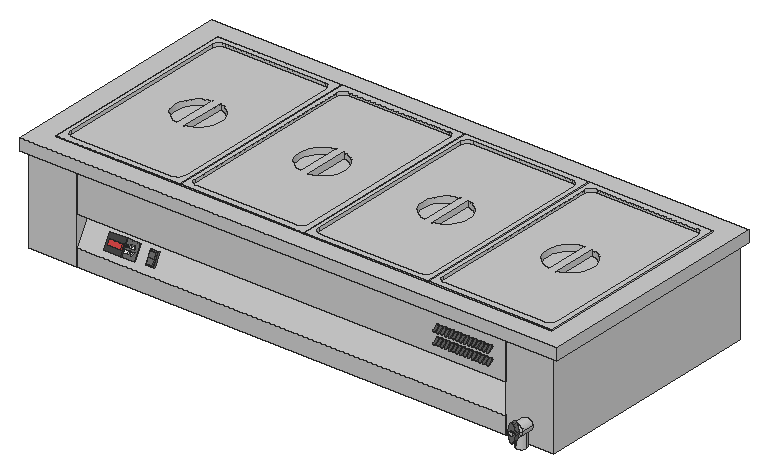
Revit family "QF_INOMAK_MAV614_250604102725", category Specialty Equipment, Revit 2021
Family settings
  Round Connector Dimension = Use Diameter
  Part Type = Normal
  OmniClass Number = 23.40.40.14
  OmniClass Title = Food Service Equipment
  Work Plane-Based = No
  Always vertical = Yes
  Cut with Voids When Loaded = No
  Shared = No
  Room Calculation Point = No
Parameters (values of type "MAV614")
  Weight [instance] = 27.00 kg
  Waste Water Discharge Temperature [instance] = 0 °C
  Waste Remarks [instance] = ""
  Warranty Start Date [instance] = ""
  Warranty Duration [instance] = ""
  Volts [instance] = 230 V
  Volt Free Conn [instance] = no
  URL Recommended Spares List [instance] = ""
  URL Manufacturer [instance] = ""
  URL Cutsheet [instance] = ""
  URL Critical Spares List [instance] = ""
  URL = "www.inomak.com"
  Technical Documentation [instance] = ""
  Tag Number [instance] = ""
  Status [instance] = ""
  Start Up Current [instance] = 0 A
  Specification by User [instance] = ""
  Specification by Manufacturer [instance] = ""
  Sound Level [instance] = ""
  Show Logo [instance] = yes
  Show Clearances [instance] = yes
  Service Life Duration [instance] = ""
  Serial Number [instance] = ""
  Seismic Rating [instance] = ""
  SMACNA No [instance] = ""
  Revision Code [instance] = ""
  Revision [instance] = ""
  Production Year [instance] = ""
  Potential Equalisation [instance] = no
  Point Load [instance] = 0
  Plumbing Connection Type [instance] = ""
  Phase [instance] = 1
  Other Equipment Approvals [instance] = ""
  Operational Current [instance] = 0 A
  Number of Poles [instance] = 2
  No Load Power Draw [instance] = no
  NAFEM Spec ID Number [instance] = ""
  Model Warning [instance] = ""
  Model = "MAV614"
  Min Ckt Ampacity [instance] = 0 A
  Max Overcurrent Protection [instance] = 10 A
  Masterspec [instance] = ""
  Manufacturer = "INOMAK"
  Main switch integrated [instance] = no
  Length Actual [instance] = 1406 mm
  Item Number [instance] = ""
  Installed By [instance] = ""
  Installation Date [instance] = ""
  Indirect Waste Size [instance] = 25.4 mm
  Indirect Waste Remarks [instance] = ""
  Indirect Waste Flow [instance] = 0.0 L/s
  Indirect Waste Connection Type [instance] = ""
  Indirect Waste Connection Height [instance] = 0 mm
  Identify Quantity as Lot [instance] = no
  ID [instance] = ""
  Hygiene Approval [instance] = ""
  Height Actual [instance] = 268 mm
  HP power [instance] = ""
  Furnished By [instance] = ""
  Foodservice Equipment Identifier [instance] = no
  FL Amps [instance] = 8.7 A
  Electrical Remarks [instance] = ""
  Electric power [instance] = 2000 W
  Electric Connection Type [instance] = ""
  Elec Conn RI Height [instance] = 0 mm
  Elec Conn Connection Height [instance] = 0 mm
  ETL Approved [instance] = no
  Direct Waste Water Discharge Temperature [instance] = -273.15 °C
  Direct Waste Size [instance] = 25.4 mm
  Direct Waste RI Height [instance] = 0 mm
  Direct Waste Flow [instance] = 0.0 L/s
  Direct Waste Connection Height [instance] = 0 mm
  Description = "PORTABLE BAIN MARIE WITH 4 GN PANS CAPACITY"
  Depth Actual [instance] = 629 mm
  Default Elevation = 0 mm
  Cycle [instance] = 50 Hz
  Cost = 0
  Connection to energy optimisation system [instance] = yes
  Conn Plug [instance] = ""
  Conn Conduit [instance] = no
  Centralized building control system with digital interface [instance] = ""
  CSI MasterFormat [instance] = ""
  CE Approved [instance] = no
  Barcode [instance] = 0
  Author [instance] = ""
  Asset Identifier [instance] = ""
  Apparent Power [instance] = 2000 VA
  Accessory [instance] = no
Reference planes
  plane 1 "Center (Front/Back)": y = 0
  plane 2: z = 0
  plane 3 "Center (Left/Right)": x = 0
Forms (mm)
  Extrusion 1, solid, not visible
    sketch origin (1320.064, -600.029, 12.001) x (1, 0, 0) y (0, 1, 0)
      loop
        line (-2, 2) -> (-2, -2) -> (2, -2) -> (2, 2) -> (-2, 2)
    from -2 to 2
  Extrusion 2, solid, not visible
    sketch origin (80.004, -600.029, 12.001) x (1, 0, 0) y (0, 1, 0)
      loop
        line (-2, 2) -> (-2, -2) -> (2, -2) -> (2, 2) -> (-2, 2)
    from -2 to 2
Dimensions and locks
  locked: nested 2 to Extrusion 1 at 2  (x2)
  locked: nested 3 to Extrusion 2 at 2  (x2)
  aligned and locked: level to plane 2
Nested families
  nested 1: "QF_INOMAK_PORTABLE_BAIN_MARIES_1410_2920" at (0, 0, 0), type "MAV614"
    with Weight 27.00 kg, Warranty Start Date "", Warranty Duration "", URL Cutsheet "", Technical Documentation "", Tag Number "", Status "", Specification by User "", Specification by Manufacturer "", Sound Level "", Solid Fuel Type "", Show Logo yes, Show Clearances yes, Service Life Duration "", Serial Number "", Seismic Rating "", SMACNA No "", Revision Code "", Revision "", Production Year "", Point Load 0, Other Equipment Approvals "", NAFEM Spec ID Number "", Model Warning "", Masterspec "", Length Actual 1406 mm, Item Number "", Installed By "", Installation Date "", Identify Quantity as Lot yes, ID "", Hygiene Approval "", Height Actual 268 mm, Furnished By "", Foodservice Equipment Identifier yes, ETL Approved yes, Depth Actual 629 mm, CSI MasterFormat "", CE Approved yes, Barcode "", Author "", Asset Identifier "", Accessory no
  nested 2: "CONN_POINT_DRAIN_2D___Generic_Annotation" at (1320.064, -600.029, 10), type "CONN_POINT_DRAIN_2D___Generic_Annotation"
    with Onboard connection annotation symbol visibility yes
  nested 3: "CONN_POINT_ELE_2D___Generic_Annotation" at (80.004, -600.029, 10), type "CONN_POINT_ELE_2D___Generic_Annotation"
    with Onboard connection annotation symbol visibility yes
Connectors
  piping at (1320.064, -600.029, 10), diameter 25.4, driven by "Indirect Waste Size", driven by "Direct Waste Flow"
    settings: on Extrusion 1, index 1, connector inside diameter 609.6 mm, connector length 0 mm, flow factor 0, pipe flow 0.0 L/s, pressure drop 0.0 Pa, fitting loss kfactor 0, connector angle 0.00°, fixture units 0, engagement length 0 mm, angle of deflection 0.00°, flow configuration 1, flow direction 2, fitting loss method 0, system type 16, joint type 0, gender type 0, connector reference index -1, connector utility 0, adjustable connector no, is connector primary yes, connector description "Waste connection for MAV614"
  electrical at (80.004, -600.029, 10), driven by "Apparent Power", driven by "Number of Poles", driven by "Volts"
    settings: on Extrusion 2, index 2, voltage 230 V, apparent load 0 VA, apparent load phase1 2000 VA, apparent load phase2 0 VA, apparent load phase3 0 VA, power factor 1, load classification "Other", number of poles 2, system type 31, power factor state 1, is connector primary yes, connector utility no, sub classification motor no, connector description "Electrical connection for MAV614"
Definition of nested family "QF_INOMAK_PORTABLE_BAIN_MARIES_1410_2920"
  Parameters (values of type "MSV614")
    Weight [instance] = 0.00 kg
    Warranty Start Date [instance] = ""
    Warranty Duration [instance] = ""
    URL Cutsheet [instance] = ""
    URL = "www.inomak.com"
    Technical Documentation [instance] = ""
    Tag Number [instance] = ""
    Status [instance] = ""
    Specification by User [instance] = ""
    Specification by Manufacturer [instance] = ""
    Sound Level [instance] = ""
    Solid Fuel Type [instance] = ""
    Show Logo [instance] = yes
    Show Clearances [instance] = yes
    Service Life Duration [instance] = ""
    Serial Number [instance] = ""
    Seismic Rating [instance] = ""
    SMACNA No [instance] = ""
    Revision Code [instance] = ""
    Revision [instance] = ""
    Production Year [instance] = ""
    Point Load [instance] = 0
    Other Equipment Approvals [instance] = ""
    NAFEM Spec ID Number [instance] = ""
    Model Warning [instance] = ""
    Model = "MSV614"
    Masterspec [instance] = ""
    Manufacturer = "INOMAK"
    Length Actual [instance] = 0 mm
    Item Number [instance] = ""
    Installed By [instance] = ""
    Installation Date [instance] = ""
    Identify Quantity as Lot [instance] = yes
    ID [instance] = ""
    Hygiene Approval [instance] = ""
    Height Actual [instance] = 0 mm
    Furnished By [instance] = ""
    Foodservice Equipment Identifier [instance] = yes
    ETL Approved [instance] = yes
    Description = "PORTABLE BAIN MARIE WITH 4 GN PANS CAPACITY AND DOUBLE SNEEZE GUARD"
    Depth Actual [instance] = 0 mm
    Default Elevation = 0 mm
    CSI MasterFormat [instance] = ""
    CE Approved [instance] = yes
    Barcode [instance] = ""
    Author [instance] = ""
    Asset Identifier [instance] = ""
    Assembly Code = "E1090320"
    Accessory [instance] = yes
  Types (5, lengths in mm): name | Model | Description
    MBV614 | "MBV614" | "PORTABLE BAIN MARIE WITH 4 GN PANS CAPACITY AND SHOWCASE"
    MEV614 | "MEV614" | "PORTABLE BAIN MARIE WITH 4 GN PANS CAPACITY AND SINGLE SNEEZE GUARD"
    MSV614 | "MSV614" | "PORTABLE BAIN MARIE WITH 4 GN PANS CAPACITY AND DOUBLE SNEEZE GUARD"
    MBSQ614 | "MBSQ614" | "PORTABLE BAIN MARIE WITH 4 GN PANS CAPACITY AND SQUARE SHOWCASE"
    MAV614 | "MAV614" | "PORTABLE BAIN MARIE WITH 4 GN PANS CAPACITY"
  Reference planes
    plane 1 "Back": y = 0
    plane 2: z = 0
    plane 3 "Left": x = 0
    plane 4 "Right": x = 1406
    plane 5 "Front": y = -629
    plane 6 "Top": z = 268
  Forms (mm)
    Extrusion 1, solid
      sketch origin (562.428, -636, -16.393) x (-1, 0, 0) y (0, 0, 1)
        loop
          arc (-522.253, 222.665) -> (-526.351, 223.763) -> (-527.449, 219.665) r 3
          line (-527.449, 219.665) -> (-518.449, 204.077)
          arc (-518.449, 204.077) -> (-514.351, 202.979) -> (-513.253, 207.077) r 3
          line (-513.253, 207.077) -> (-522.253, 222.665)
        loop
          arc (-532.253, 222.665) -> (-536.351, 223.763) -> (-537.449, 219.665) r 3
          line (-537.449, 219.665) -> (-528.449, 204.077)
          arc (-528.449, 204.077) -> (-524.351, 202.979) -> (-523.253, 207.077) r 3
          line (-523.253, 207.077) -> (-532.253, 222.665)
        loop
          arc (-542.253, 222.665) -> (-546.351, 223.763) -> (-547.449, 219.665) r 3
          line (-547.449, 219.665) -> (-538.449, 204.077)
          arc (-538.449, 204.077) -> (-534.351, 202.979) -> (-533.253, 207.077) r 3
          line (-533.253, 207.077) -> (-542.253, 222.665)
        loop
          arc (-552.253, 222.665) -> (-556.351, 223.763) -> (-557.449, 219.665) r 3
          line (-557.449, 219.665) -> (-548.449, 204.077)
          arc (-548.449, 204.077) -> (-544.351, 202.979) -> (-543.253, 207.077) r 3
          line (-543.253, 207.077) -> (-552.253, 222.665)
        loop
          arc (-562.253, 222.665) -> (-566.351, 223.763) -> (-567.449, 219.665) r 3
          line (-567.449, 219.665) -> (-558.449, 204.077)
          arc (-558.449, 204.077) -> (-554.351, 202.979) -> (-553.253, 207.077) r 3
          line (-553.253, 207.077) -> (-562.253, 222.665)
        loop
          arc (-572.253, 222.665) -> (-576.351, 223.763) -> (-577.449, 219.665) r 3
          line (-577.449, 219.665) -> (-568.449, 204.077)
          arc (-568.449, 204.077) -> (-564.351, 202.979) -> (-563.253, 207.077) r 3
          line (-563.253, 207.077) -> (-572.253, 222.665)
        loop
          arc (-582.253, 222.665) -> (-586.351, 223.763) -> (-587.449, 219.665) r 3
          line (-587.449, 219.665) -> (-578.449, 204.077)
          arc (-578.449, 204.077) -> (-574.351, 202.979) -> (-573.253, 207.077) r 3
          line (-573.253, 207.077) -> (-582.253, 222.665)
        loop
          arc (-592.253, 222.665) -> (-596.351, 223.763) -> (-597.449, 219.665) r 3
          line (-597.449, 219.665) -> (-588.449, 204.077)
          arc (-588.449, 204.077) -> (-584.351, 202.979) -> (-583.253, 207.077) r 3
          line (-583.253, 207.077) -> (-592.253, 222.665)
        loop
          arc (-602.253, 222.665) -> (-606.351, 223.763) -> (-607.449, 219.665) r 3
          line (-607.449, 219.665) -> (-598.449, 204.077)
          arc (-598.449, 204.077) -> (-594.351, 202.979) -> (-593.253, 207.077) r 3
          line (-593.253, 207.077) -> (-602.253, 222.665)
        loop
          arc (-612.253, 222.665) -> (-616.351, 223.763) -> (-617.449, 219.665) r 3
          line (-617.449, 219.665) -> (-608.449, 204.077)
          arc (-608.449, 204.077) -> (-604.351, 202.979) -> (-603.253, 207.077) r 3
          line (-603.253, 207.077) -> (-612.253, 222.665)
        loop
          arc (-622.253, 222.665) -> (-626.351, 223.763) -> (-627.449, 219.665) r 3
          line (-627.449, 219.665) -> (-618.449, 204.077)
          arc (-618.449, 204.077) -> (-614.351, 202.979) -> (-613.253, 207.077) r 3
          line (-613.253, 207.077) -> (-622.253, 222.665)
        loop
          arc (-632.253, 222.665) -> (-636.351, 223.763) -> (-637.449, 219.665) r 3
          line (-637.449, 219.665) -> (-628.449, 204.077)
          arc (-628.449, 204.077) -> (-624.351, 202.979) -> (-623.253, 207.077) r 3
          line (-623.253, 207.077) -> (-632.253, 222.665)
        loop
          arc (-642.253, 222.665) -> (-646.351, 223.763) -> (-647.449, 219.665) r 3
          line (-647.449, 219.665) -> (-638.449, 204.077)
          arc (-638.449, 204.077) -> (-634.351, 202.979) -> (-633.253, 207.077) r 3
          line (-633.253, 207.077) -> (-642.253, 222.665)
        loop
          arc (-652.253, 222.665) -> (-656.351, 223.763) -> (-657.449, 219.665) r 3
          line (-657.449, 219.665) -> (-648.449, 204.077)
          arc (-648.449, 204.077) -> (-644.351, 202.979) -> (-643.253, 207.077) r 3
          line (-643.253, 207.077) -> (-652.253, 222.665)
        loop
          arc (-662.253, 222.665) -> (-666.351, 223.763) -> (-667.449, 219.665) r 3
          line (-667.449, 219.665) -> (-658.449, 204.077)
          arc (-658.449, 204.077) -> (-654.351, 202.979) -> (-653.253, 207.077) r 3
          line (-653.253, 207.077) -> (-662.253, 222.665)
        loop
          arc (-522.253, 192.665) -> (-526.351, 193.763) -> (-527.449, 189.665) r 3
          line (-527.449, 189.665) -> (-518.449, 174.077)
          arc (-518.449, 174.077) -> (-514.351, 172.979) -> (-513.253, 177.077) r 3
          line (-513.253, 177.077) -> (-522.253, 192.665)
        loop
          arc (-532.253, 192.665) -> (-536.351, 193.763) -> (-537.449, 189.665) r 3
          line (-537.449, 189.665) -> (-528.449, 174.077)
          arc (-528.449, 174.077) -> (-524.351, 172.979) -> (-523.253, 177.077) r 3
          line (-523.253, 177.077) -> (-532.253, 192.665)
        loop
          arc (-542.253, 192.665) -> (-546.351, 193.763) -> (-547.449, 189.665) r 3
          line (-547.449, 189.665) -> (-538.449, 174.077)
          arc (-538.449, 174.077) -> (-534.351, 172.979) -> (-533.253, 177.077) r 3
          line (-533.253, 177.077) -> (-542.253, 192.665)
        loop
          arc (-552.253, 192.665) -> (-556.351, 193.763) -> (-557.449, 189.665) r 3
          line (-557.449, 189.665) -> (-548.449, 174.077)
          arc (-548.449, 174.077) -> (-544.351, 172.979) -> (-543.253, 177.077) r 3
          line (-543.253, 177.077) -> (-552.253, 192.665)
        loop
          arc (-562.253, 192.665) -> (-566.351, 193.763) -> (-567.449, 189.665) r 3
          line (-567.449, 189.665) -> (-558.449, 174.077)
          arc (-558.449, 174.077) -> (-554.351, 172.979) -> (-553.253, 177.077) r 3
          line (-553.253, 177.077) -> (-562.253, 192.665)
        loop
          arc (-572.253, 192.665) -> (-576.351, 193.763) -> (-577.449, 189.665) r 3
          line (-577.449, 189.665) -> (-568.449, 174.077)
          arc (-568.449, 174.077) -> (-564.351, 172.979) -> (-563.253, 177.077) r 3
          line (-563.253, 177.077) -> (-572.253, 192.665)
        loop
          arc (-582.253, 192.665) -> (-586.351, 193.763) -> (-587.449, 189.665) r 3
          line (-587.449, 189.665) -> (-578.449, 174.077)
          arc (-578.449, 174.077) -> (-574.351, 172.979) -> (-573.253, 177.077) r 3
          line (-573.253, 177.077) -> (-582.253, 192.665)
        loop
          arc (-592.253, 192.665) -> (-596.351, 193.763) -> (-597.449, 189.665) r 3
          line (-597.449, 189.665) -> (-588.449, 174.077)
          arc (-588.449, 174.077) -> (-584.351, 172.979) -> (-583.253, 177.077) r 3
          line (-583.253, 177.077) -> (-592.253, 192.665)
        loop
          arc (-602.253, 192.665) -> (-606.351, 193.763) -> (-607.449, 189.665) r 3
          line (-607.449, 189.665) -> (-598.449, 174.077)
          arc (-598.449, 174.077) -> (-594.351, 172.979) -> (-593.253, 177.077) r 3
          line (-593.253, 177.077) -> (-602.253, 192.665)
        loop
          arc (-612.253, 192.665) -> (-616.351, 193.763) -> (-617.449, 189.665) r 3
          line (-617.449, 189.665) -> (-608.449, 174.077)
          arc (-608.449, 174.077) -> (-604.351, 172.979) -> (-603.253, 177.077) r 3
          line (-603.253, 177.077) -> (-612.253, 192.665)
        loop
          arc (-622.253, 192.665) -> (-626.351, 193.763) -> (-627.449, 189.665) r 3
          line (-627.449, 189.665) -> (-618.449, 174.077)
          arc (-618.449, 174.077) -> (-614.351, 172.979) -> (-613.253, 177.077) r 3
          line (-613.253, 177.077) -> (-622.253, 192.665)
        loop
          arc (-632.253, 192.665) -> (-636.351, 193.763) -> (-637.449, 189.665) r 3
          line (-637.449, 189.665) -> (-628.449, 174.077)
          arc (-628.449, 174.077) -> (-624.351, 172.979) -> (-623.253, 177.077) r 3
          line (-623.253, 177.077) -> (-632.253, 192.665)
        loop
          arc (-642.253, 192.665) -> (-646.351, 193.763) -> (-647.449, 189.665) r 3
          line (-647.449, 189.665) -> (-638.449, 174.077)
          arc (-638.449, 174.077) -> (-634.351, 172.979) -> (-633.253, 177.077) r 3
          line (-633.253, 177.077) -> (-642.253, 192.665)
        loop
          arc (-652.253, 192.665) -> (-656.351, 193.763) -> (-657.449, 189.665) r 3
          line (-657.449, 189.665) -> (-648.449, 174.077)
          arc (-648.449, 174.077) -> (-644.351, 172.979) -> (-643.253, 177.077) r 3
          line (-643.253, 177.077) -> (-652.253, 192.665)
        loop
          arc (-662.253, 192.665) -> (-666.351, 193.763) -> (-667.449, 189.665) r 3
          line (-667.449, 189.665) -> (-658.449, 174.077)
          arc (-658.449, 174.077) -> (-654.351, 172.979) -> (-653.253, 177.077) r 3
          line (-653.253, 177.077) -> (-662.253, 192.665)
      from 16.5 to 18.5
    Extrusion 2, solid
      sketch origin (0, -641.208, 0) x (-1, 0, 0) y (0, 0, 1)
        loop
          line (-15, 10) -> (-15, 238) -> (-140, 238) -> (-140, 10) -> (-15, 10)
      from 22.208 to 631.208
    Extrusion 3, solid
      sketch origin (0, 0, 238) x (1, 0, 0) y (0, 1, 0)
        loop
          line (0, 0) -> (0, -629) -> (1406, -629) -> (1406, 0) -> (0, 0)
        loop
          line (53, -579) -> (1353, -579) -> (1353, -49) -> (53, -49) -> (53, -579)
      from 0 to 30
    Extrusion 4, solid
      sketch origin (1406, -641.208, 0) x (1, 0, 0) y (0, 0, -1)
        loop
          line (-15, -10) -> (-140, -10) -> (-140, -238) -> (-15, -238) -> (-15, -10)
      from 22.208 to 631.208
    Extrusion 5, solid
      sketch origin (-2, 0, 0) x (0, 1, 0) y (0, 0, 1)
        loop
          line (-619, 238) -> (-619, 133.92) -> (-579, 124.282) -> (-619, 55) -> (-619, 10) -> (-10, 10) -> (-10, 238) -> (-619, 238)
      from 142 to 1268
    Revolve 6, solid
      sketch origin (0, -594, 0) x (-1, 0, 0) y (0, 0, 1)
        loop
          line (-27.5, 10) -> (-40, 10) -> (-40, 0) -> (-30, 0) -> (-27.5, 10)
        axis (-40, 0) -> (-40, 10)
      angle from 0 to 360
    Revolve 7, solid
      sketch origin (1406, -594, 0) x (1, 0, 0) y (0, 0, -1)
        loop
          line (-27.5, -10) -> (-30, 0) -> (-40, 0) -> (-40, -10) -> (-27.5, -10)
        axis (-40, 0) -> (-40, -10)
      angle from 0 to 360
    Extrusion 8, solid
      sketch origin (-2, -646.329, 9.665) x (-1, 0, 0) y (0, 0.5, 0.866025)
        loop
          line (-208.234, 108.408) -> (-253.234, 108.408) -> (-253.234, 68.408) -> (-208.234, 68.408) -> (-208.234, 108.408)
      from 0 to 2
    Extrusion 9, solid
      sketch origin (-613.766, -619.914, 59.417) x (-1, 0, 0) y (0, 0.5, 0.866025)
        loop
          line (-950, 15) -> (-930, 15) -> (-930, 50) -> (-950, 50) -> (-950, 15)
      from 0 to 3
    Extrusion 10, solid
      sketch origin (-585.766, -511.66, -3.083) x (0, 0.866025, -0.5) y (0, 0.5, 0.866025)
        loop
          line (-125, 18) -> (-125, 47)
          arc (-125, 47) -> (-127.961, 46.812) -> (-130.754, 45.81) r 10.576
          line (-130.754, 45.81) -> (-128, 32.5) -> (-128, 18) -> (-125, 18)
      from 905 to 919
    Extrusion 11, solid
      sketch origin (43, -646.329, 9.665) x (-1, 0, 0) y (0, 0.5, 0.866025)
        loop
          line (-208.234, 108.408) -> (-243.234, 108.408) -> (-243.234, 68.408) -> (-208.234, 68.408) -> (-208.234, 108.408)
      from 0 to 2
    Extrusion 12, solid
      sketch origin (-2, -646.762, 9.915) x (-1, 0, 0) y (0, 0.5, 0.866025)
        loop
          line (-213.234, 94.908) -> (-248.234, 94.908) -> (-248.234, 81.908) -> (-213.234, 81.908) -> (-213.234, 94.908)
      from 0 to 2.5
    Extrusion 13, solid
      sketch origin (-2, -646.762, 9.915) x (-1, 0, 0) y (0, 0.5, 0.866025)
        loop
          line (-271.558, 91.171) -> (-275.802, 98.522) -> (-280.047, 91.171) -> (-271.558, 91.171)
        loop
          line (-271.558, 85.645) -> (-280.047, 85.645) -> (-275.802, 78.294) -> (-271.558, 85.645)
        loop
          line (-257.397, 85.645) -> (-267.397, 85.645) -> (-267.397, 78.294) -> (-257.397, 78.294) -> (-257.397, 85.645)
        loop
          line (-265.397, 98.522) -> (-267.397, 98.522) -> (-267.397, 92.322) -> (-259.549, 92.322) -> (-259.549, 91.171) -> (-257.397, 93.322) -> (-259.549, 95.474) -> (-259.549, 94.322) -> (-265.397, 94.322) -> (-265.397, 98.522)
      from 0 to 2.5
    Revolve 14, solid
      sketch origin (0, -25, 0) x (-1, 0, 0) y (0, 0, -1)
        loop
          line (-27.5, -10) -> (-30, 0) -> (-40, 0) -> (-40, -10) -> (-27.5, -10)
        axis (-40, 0) -> (-40, -10)
      angle from 0 to 360
    Revolve 15, solid
      sketch origin (1406, -25, 0) x (1, 0, 0) y (0, 0, 1)
        loop
          line (-27.5, 10) -> (-40, 10) -> (-40, 0) -> (-30, 0) -> (-27.5, 10)
        axis (-40, 0) -> (-40, 10)
      angle from 0 to 360
    Extrusion 16, solid
      sketch origin (648, 4.125, 0) x (1, 0, 0) y (0, 1, 0)
        loop
          circle (672.38, -640.973) r 13
        loop
          circle (672.38, -640.973) r 11
      from 10 to 55
    Revolve 17, solid
      sketch origin (648, 1, 55) x (1, 0, 0) y (0, 1, 0)
        loop
          line (657.38, -620) -> (657.38, -651.68) -> (662.497, -655.973) -> (672.497, -655.973) -> (672.497, -620) -> (657.38, -620)
        axis (672.497, -655.973) -> (672.497, -620)
      angle from 0 to 360
    Extrusion 18, solid
      sketch origin (648, -629, 0) x (-1, 0, 0) y (0, 0, 1)
        loop
          circle (-672.38, 55) r 5
      from -41.78 to -25.973
    Extrusion 19, solid
      sketch origin (648, -629, 0) x (-1, 0, 0) y (0, 0, 1)
        loop
          arc (-682.087, 57.836) -> (-682.497, 55) -> (-682.087, 52.164) r 10
          line (-682.087, 52.164) -> (-676.619, 33.676)
          arc (-676.619, 33.676) -> (-672.497, 30.597) -> (-668.376, 33.676) r 4.298
          line (-668.376, 33.676) -> (-662.908, 52.164)
          arc (-662.908, 52.164) -> (-662.497, 55) -> (-662.908, 57.836) r 10
          line (-662.908, 57.836) -> (-668.376, 76.324)
          arc (-668.376, 76.324) -> (-672.497, 79.403) -> (-676.619, 76.324) r 4.298
          line (-676.619, 76.324) -> (-682.087, 57.836)
      from -39.243 to -29.243
    Extrusion 20, solid
      sketch origin (-2, 1, 0) x (1, 0, 0) y (0, 1, 0)
        loop
          line (55, -50) -> (55, -580) -> (380, -580) -> (380, -50) -> (55, -50)
        loop
          arc (87.5, -65) -> (73.358, -70.858) -> (67.5, -85) r 20
          line (67.5, -85) -> (67.5, -545.415)
          arc (67.5, -545.415) -> (73.358, -559.557) -> (87.5, -565.415) r 20
          line (87.5, -565.415) -> (347.5, -565.415)
          arc (347.5, -565.415) -> (361.642, -559.557) -> (367.5, -545.415) r 20
          line (367.5, -545.415) -> (367.5, -85)
          arc (367.5, -85) -> (361.642, -70.858) -> (347.5, -65) r 20
          line (347.5, -65) -> (87.5, -65)
      from 238 to 270
    Extrusion 21, solid
      sketch origin (-2, 1, -7) x (1, 0, 0) y (0, 1, 0)
        loop
          arc (67.5, -545.415) -> (73.358, -559.557) -> (87.5, -565.415) r 20
          line (87.5, -565.415) -> (347.5, -565.415)
          arc (347.5, -565.415) -> (361.642, -559.557) -> (367.5, -545.415) r 20
          line (367.5, -545.415) -> (367.5, -85)
          arc (367.5, -85) -> (361.642, -70.858) -> (347.5, -65) r 20
          line (347.5, -65) -> (87.5, -65)
          arc (87.5, -65) -> (73.358, -70.858) -> (67.5, -85) r 20
          line (67.5, -85) -> (67.5, -545.415)
      from 245 to 270
    Extrusion 22, void
      sketch origin (-2, 1, 8) x (1, 0, 0) y (0, 1, 0)
        loop
          arc (207.5, -256.046) -> (157.5, -315.207) -> (207.5, -374.368) r 60
          line (207.5, -374.368) -> (207.5, -256.046)
        loop
          line (227.5, -256.046) -> (227.5, -374.368)
          arc (227.5, -374.368) -> (277.5, -315.207) -> (227.5, -256.046) r 60
      from 240 to 270
    Extrusion 23, solid
      sketch origin (323, 1, 0) x (1, 0, 0) y (0, 1, 0)
        loop
          line (55, -50) -> (55, -580) -> (380, -580) -> (380, -50) -> (55, -50)
        loop
          arc (87.5, -65) -> (73.358, -70.858) -> (67.5, -85) r 20
          line (67.5, -85) -> (67.5, -545.415)
          arc (67.5, -545.415) -> (73.358, -559.557) -> (87.5, -565.415) r 20
          line (87.5, -565.415) -> (347.5, -565.415)
          arc (347.5, -565.415) -> (361.642, -559.557) -> (367.5, -545.415) r 20
          line (367.5, -545.415) -> (367.5, -85)
          arc (367.5, -85) -> (361.642, -70.858) -> (347.5, -65) r 20
          line (347.5, -65) -> (87.5, -65)
      from 238 to 270
    Extrusion 24, solid
      sketch origin (323, 1, -7) x (1, 0, 0) y (0, 1, 0)
        loop
          arc (67.5, -545.415) -> (73.358, -559.557) -> (87.5, -565.415) r 20
          line (87.5, -565.415) -> (347.5, -565.415)
          arc (347.5, -565.415) -> (361.642, -559.557) -> (367.5, -545.415) r 20
          line (367.5, -545.415) -> (367.5, -85)
          arc (367.5, -85) -> (361.642, -70.858) -> (347.5, -65) r 20
          line (347.5, -65) -> (87.5, -65)
          arc (87.5, -65) -> (73.358, -70.858) -> (67.5, -85) r 20
          line (67.5, -85) -> (67.5, -545.415)
      from 245 to 270
    Extrusion 25, void
      sketch origin (323, 1, 8) x (1, 0, 0) y (0, 1, 0)
        loop
          arc (207.5, -256.046) -> (157.5, -315.207) -> (207.5, -374.368) r 60
          line (207.5, -374.368) -> (207.5, -256.046)
        loop
          line (227.5, -256.046) -> (227.5, -374.368)
          arc (227.5, -374.368) -> (277.5, -315.207) -> (227.5, -256.046) r 60
      from 240 to 270
    Extrusion 26, solid
      sketch origin (648, 1, 0) x (1, 0, 0) y (0, 1, 0)
        loop
          line (55, -50) -> (55, -580) -> (380, -580) -> (380, -50) -> (55, -50)
        loop
          arc (87.5, -65) -> (73.358, -70.858) -> (67.5, -85) r 20
          line (67.5, -85) -> (67.5, -545.415)
          arc (67.5, -545.415) -> (73.358, -559.557) -> (87.5, -565.415) r 20
          line (87.5, -565.415) -> (347.5, -565.415)
          arc (347.5, -565.415) -> (361.642, -559.557) -> (367.5, -545.415) r 20
          line (367.5, -545.415) -> (367.5, -85)
          arc (367.5, -85) -> (361.642, -70.858) -> (347.5, -65) r 20
          line (347.5, -65) -> (87.5, -65)
      from 238 to 270
    Extrusion 27, solid
      sketch origin (648, 1, -7) x (1, 0, 0) y (0, 1, 0)
        loop
          arc (67.5, -545.415) -> (73.358, -559.557) -> (87.5, -565.415) r 20
          line (87.5, -565.415) -> (347.5, -565.415)
          arc (347.5, -565.415) -> (361.642, -559.557) -> (367.5, -545.415) r 20
          line (367.5, -545.415) -> (367.5, -85)
          arc (367.5, -85) -> (361.642, -70.858) -> (347.5, -65) r 20
          line (347.5, -65) -> (87.5, -65)
          arc (87.5, -65) -> (73.358, -70.858) -> (67.5, -85) r 20
          line (67.5, -85) -> (67.5, -545.415)
      from 245 to 270
    Extrusion 28, void
      sketch origin (648, 1, 8) x (1, 0, 0) y (0, 1, 0)
        loop
          arc (207.5, -256.046) -> (157.5, -315.207) -> (207.5, -374.368) r 60
          line (207.5, -374.368) -> (207.5, -256.046)
        loop
          line (227.5, -256.046) -> (227.5, -374.368)
          arc (227.5, -374.368) -> (277.5, -315.207) -> (227.5, -256.046) r 60
      from 240 to 270
    Extrusion 29, solid
      sketch origin (973, 1, 0) x (1, 0, 0) y (0, 1, 0)
        loop
          line (55, -50) -> (55, -580) -> (380, -580) -> (380, -50) -> (55, -50)
        loop
          arc (87.5, -65) -> (73.358, -70.858) -> (67.5, -85) r 20
          line (67.5, -85) -> (67.5, -545.415)
          arc (67.5, -545.415) -> (73.358, -559.557) -> (87.5, -565.415) r 20
          line (87.5, -565.415) -> (347.5, -565.415)
          arc (347.5, -565.415) -> (361.642, -559.557) -> (367.5, -545.415) r 20
          line (367.5, -545.415) -> (367.5, -85)
          arc (367.5, -85) -> (361.642, -70.858) -> (347.5, -65) r 20
          line (347.5, -65) -> (87.5, -65)
      from 238 to 270
    Extrusion 30, solid
      sketch origin (973, 1, -7) x (1, 0, 0) y (0, 1, 0)
        loop
          arc (67.5, -545.415) -> (73.358, -559.557) -> (87.5, -565.415) r 20
          line (87.5, -565.415) -> (347.5, -565.415)
          arc (347.5, -565.415) -> (361.642, -559.557) -> (367.5, -545.415) r 20
          line (367.5, -545.415) -> (367.5, -85)
          arc (367.5, -85) -> (361.642, -70.858) -> (347.5, -65) r 20
          line (347.5, -65) -> (87.5, -65)
          arc (87.5, -65) -> (73.358, -70.858) -> (67.5, -85) r 20
          line (67.5, -85) -> (67.5, -545.415)
      from 245 to 270
    Extrusion 31, void
      sketch origin (973, 1, 8) x (1, 0, 0) y (0, 1, 0)
        loop
          arc (207.5, -256.046) -> (157.5, -315.207) -> (207.5, -374.368) r 60
          line (207.5, -374.368) -> (207.5, -256.046)
        loop
          line (227.5, -256.046) -> (227.5, -374.368)
          arc (227.5, -374.368) -> (277.5, -315.207) -> (227.5, -256.046) r 60
      from 240 to 270
  Cuts and joins
    Extrusion 22, Extrusion 25 cuts Extrusion 21
    Extrusion 25, Extrusion 28 cuts Extrusion 24
    Extrusion 28, Extrusion 31 cuts Extrusion 27
    Extrusion 31 cuts Extrusion 30
  Lines and regions (mm)
    symbolic lines
      curve 1: line (0, 0, 0) -> (1406, 0, 0)
      curve 2: line (0, -629, 0) -> (0, 0, 0)
      curve 3: line (1406, -629, 0) -> (0, -629, 0)
      curve 4: line (1406, 0, 0) -> (1406, -629, 0)
      curve 5: line (53, -49, 0) -> (1353, -49, 0)
      curve 6: line (53, -579, 0) -> (53, -49, 0)
      curve 7: line (1353, -579, 0) -> (53, -579, 0)
      curve 8: line (703, -49, 0) -> (703, -579, 0)
      curve 9: line (378, -49, 0) -> (378, -579, 0)
      curve 10: line (1028, -49, 0) -> (1028, -579, 0)
      curve 11: line (1353, -49, 0) -> (1353, -579, 0)
      curve 12: arc (65.5, -84, 0) -> (71.358, -69.858, 0) -> (85.5, -64, 0) r 20
      curve 13: line (85.5, -64, 0) -> (345.5, -64, 0)
      curve 14: arc (345.5, -64, 0) -> (359.642, -69.858, 0) -> (365.5, -84, 0) r 20
      curve 15: line (365.5, -84, 0) -> (365.5, -544.415, 0)
      curve 16: arc (365.5, -544.415, 0) -> (359.642, -558.557, 0) -> (345.5, -564.415, 0) r 20
      curve 17: line (345.5, -564.415, 0) -> (85.5, -564.415, 0)
      curve 18: arc (85.5, -564.415, 0) -> (71.358, -558.557, 0) -> (65.5, -544.415, 0) r 20
      curve 19: line (65.5, -544.415, 0) -> (65.5, -84, 0)
      curve 20: arc (205.5, -255.046, 0) -> (155.5, -314.207, 0) -> (205.5, -373.368, 0) r 60
      curve 21: line (205.5, -373.368, 0) -> (205.5, -255.046, 0)
      curve 22: line (225.5, -255.046, 0) -> (225.5, -373.368, 0)
      curve 23: arc (225.5, -373.368, 0) -> (275.5, -314.207, 0) -> (225.5, -255.046, 0) r 60
      curve 24: arc (390.5, -84, 0) -> (396.358, -69.858, 0) -> (410.5, -64, 0) r 20
      curve 25: line (410.5, -64, 0) -> (670.5, -64, 0)
      curve 26: arc (670.5, -64, 0) -> (684.642, -69.858, 0) -> (690.5, -84, 0) r 20
      curve 27: line (690.5, -84, 0) -> (690.5, -544.415, 0)
      curve 28: line (390.5, -544.415, 0) -> (390.5, -84, 0)
      curve 29: arc (410.5, -564.415, 0) -> (396.358, -558.557, 0) -> (390.5, -544.415, 0) r 20
      curve 30: line (670.5, -564.415, 0) -> (410.5, -564.415, 0)
      curve 31: arc (690.5, -544.415, 0) -> (684.642, -558.557, 0) -> (670.5, -564.415, 0) r 20
      curve 32: arc (550.5, -373.368, 0) -> (600.5, -314.207, 0) -> (550.5, -255.046, 0) r 60
      curve 33: arc (530.5, -255.046, 0) -> (480.5, -314.207, 0) -> (530.5, -373.368, 0) r 60
      curve 34: line (530.5, -373.368, 0) -> (530.5, -255.046, 0)
      curve 35: line (550.5, -255.046, 0) -> (550.5, -373.368, 0)
      curve 36: arc (715.5, -84, 0) -> (721.358, -69.858, 0) -> (735.5, -64, 0) r 20
      curve 37: line (735.5, -64, 0) -> (995.5, -64, 0)
      curve 38: arc (995.5, -64, 0) -> (1009.642, -69.858, 0) -> (1015.5, -84, 0) r 20
      curve 39: line (1015.5, -84, 0) -> (1015.5, -544.415, 0)
      curve 40: arc (1015.5, -544.415, 0) -> (1009.642, -558.557, 0) -> (995.5, -564.415, 0) r 20
      curve 41: line (995.5, -564.415, 0) -> (735.5, -564.415, 0)
      curve 42: arc (735.5, -564.415, 0) -> (721.358, -558.557, 0) -> (715.5, -544.415, 0) r 20
      curve 43: line (715.5, -544.415, 0) -> (715.5, -84, 0)
      curve 44: arc (855.5, -255.046, 0) -> (805.5, -314.207, 0) -> (855.5, -373.368, 0) r 60
      curve 45: arc (875.5, -373.368, 0) -> (925.5, -314.207, 0) -> (875.5, -255.046, 0) r 60
      curve 46: line (875.5, -255.046, 0) -> (875.5, -373.368, 0)
      curve 47: line (855.5, -373.368, 0) -> (855.5, -255.046, 0)
      curve 48: arc (1040.5, -84, 0) -> (1046.358, -69.858, 0) -> (1060.5, -64, 0) r 20
      curve 49: line (1060.5, -64, 0) -> (1320.5, -64, 0)
      curve 50: arc (1320.5, -64, 0) -> (1334.642, -69.858, 0) -> (1340.5, -84, 0) r 20
      curve 51: line (1340.5, -84, 0) -> (1340.5, -544.415, 0)
      curve 52: arc (1340.5, -544.415, 0) -> (1334.642, -558.557, 0) -> (1320.5, -564.415, 0) r 20
      curve 53: line (1320.5, -564.415, 0) -> (1060.5, -564.415, 0)
      curve 54: arc (1060.5, -564.415, 0) -> (1046.358, -558.557, 0) -> (1040.5, -544.415, 0) r 20
      curve 55: line (1040.5, -544.415, 0) -> (1040.5, -84, 0)
      curve 56: arc (1180.5, -255.046, 0) -> (1130.5, -314.207, 0) -> (1180.5, -373.368, 0) r 60
      curve 57: line (1180.5, -373.368, 0) -> (1180.5, -255.046, 0)
      curve 58: line (1200.5, -255.046, 0) -> (1200.5, -373.368, 0)
      curve 59: arc (1200.5, -373.368, 0) -> (1250.5, -314.207, 0) -> (1200.5, -255.046, 0) r 60
  Dimensions and locks
    plane 3 "Left" to plane 4 "Right" = 1406 mm
    plane 5 "Front" to plane 1 "Back" = 629 mm
    plane 6 "Top" to plane 2 = 268 mm
    aligned and locked: level to plane 2
Definition of nested family "CONN_POINT_DRAIN_2D___Generic_Annotation"
  Parameters (values of type "CONN_POINT_DRAIN_2D___Generic_Annotation")
    Onboard connection annotation symbol visibility [instance] = yes
  Reference planes
    plane 1: y = 0
    plane 2: x = 0
  Lines and regions (mm)
    detail lines, visible <- "Onboard connection annotation symbol visibility"
      curve 1: circle (0, 0, 0) r 0.5 normal (0, 0, 1)
      curve 2: line (-1, 0, 0) -> (1, 0, 0)
      curve 3: line (0, 1, 0) -> (0, -1, 0)
      curve 4: line (1.776, 1, 0) -> (1.25, 1, 0)
      curve 5: line (1.25, 1, 0) -> (1.25, -1, 0)
      curve 6: line (1.25, -1, 0) -> (1.776, -1, 0)
      curve 7: arc (2.206, -0.862, 0) -> (2.459, -0.589, 0) -> (2.583, -0.238, 0) r 0.918
      curve 8: arc (2.583, 0.238, 0) -> (2.459, 0.589, 0) -> (2.206, 0.862, 0) r 0.918
      curve 9: arc (2.583, -0.238, 0) -> (2.599, 0, 0) -> (2.583, 0.238, 0) r 1.77
      curve 10: arc (2.206, 0.862, 0) -> (2.002, 0.965, 0) -> (1.776, 1, 0) r 0.741
      curve 11: arc (1.776, -1, 0) -> (2.002, -0.965, 0) -> (2.206, -0.862, 0) r 0.741
Definition of nested family "CONN_POINT_ELE_2D___Generic_Annotation"
  Parameters (values of type "CONN_POINT_ELE_2D___Generic_Annotation")
    Onboard connection annotation symbol visibility [instance] = yes
  Reference planes
    plane 1: y = 0
    plane 2: x = 0
  Lines and regions (mm)
    detail lines, visible <- "Onboard connection annotation symbol visibility"
      curve 1: circle (0, 0, 0) r 0.5 normal (0, 0, 1)
      curve 2: line (-1, 0, 0) -> (1, 0, 0)
      curve 3: line (0, 1, 0) -> (0, -1, 0)
      curve 4: line (2.5, 1, 0) -> (1.25, 1, 0)
      curve 5: line (1.25, 1, 0) -> (1.25, -1, 0)
      curve 6: line (1.25, -1, 0) -> (2.5, -1, 0)
      curve 7: line (1.25, 0, 0) -> (2, 0, 0)
